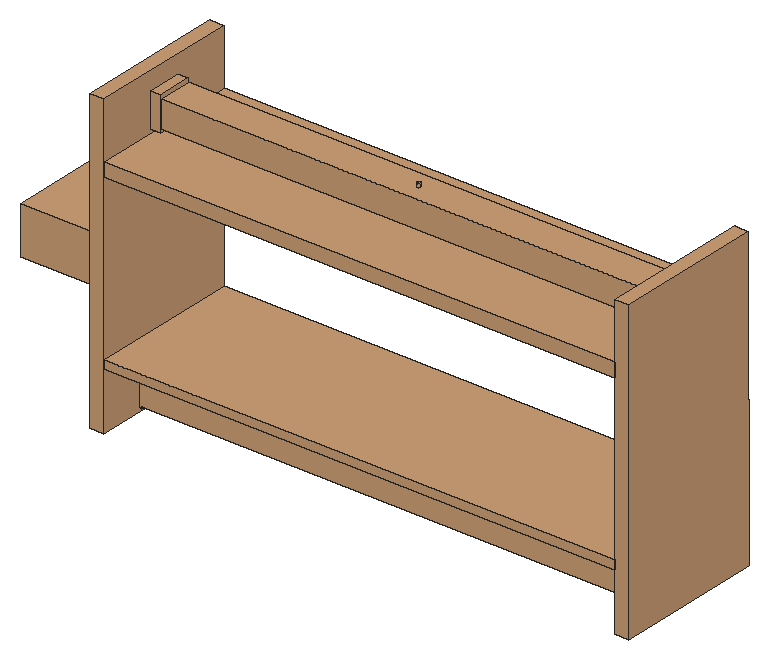
Revit family
Parameters
  Center of Unit = 0' - 0"  # constant formula
  Total Heating Capacity [instance] = 0.0 Btu/h
  Series = "VIFB"
  Outlet Area = 12.50 SF
  Lower Frame Thickness = if(Headers Height = 0' 3", 0' 1 1/4", if(Headers Height = 0' 3 1/4", 0' 1 1/4", 0' 0"))  # 0' - 1 1/4"
  Water Pressure Drop [instance] = 0.00 psi
  Water Flow [instance] = 0 GPM
  Unit Weight (lbs) = 713
  URL = "http://www.ljwing.com/"
  Water Outlet Radius = 0' - 1 1/2"
  Headers Height = if(M = 0' 1", 0' 3", if(M = 0' 1 1/2", 0' 3 1/4", 0' 0"))  # 0' - 3"
  Number of Rows = 2  # constant formula
  Number of Coils [instance] = 0
  Nominal Length = 6' - 7 1/16"
  N = 1' - 0 3/4"
  Model = "VA-7W"
  Manufacturer = "LJ Wing"
  M = 0' - 1"
  Leaving Water Temperature [instance] = 0 °F
  Leaving Air Temperature [instance] = 0 °F
  Entering Water Temperature [instance] = 0 °F
  Entering Air Temperature [instance] = 0 °F
  Description = "Vertical Integral Face & Bypass Water Heating Coils"
  Hot Water Inlet  Radius = 0' - 1 1/2"
  Coil Face Area = Outlet Area * 0.56  # 7.00 SF
  Casing Material = ""
  Assembly Code = "D3020300"
  Air Vent Radius = 0' - 0 1/4"
  Air Pressure Drop [instance] = 0.00 in-wg
  Air Inlet Width = Nominal Length - 0' 4"  # 6' - 3 1/16"
  Air Inlet Height = Y  # 2' - 0"
  Air Flow [instance] = 0 CFM
  Y = 2' - 0"
  S = 0' - 9 3/4"  # constant formula
  Product URL = "http://www.ljwing.com/html/vifb.asp"
  OmniClass = "23-75 70 21 14 "
  Nominal Height = 3' - 8"
  Nominal Depth = 1' - 10"
  R = 0' - 10 1/4"  # constant formula
  Q = 0' - 3 17/32"
Reference planes (in)
  plane 1 "Center (Front/Back)": y = 0
  plane 2: z = -12
  plane 3 "Center (Left/Right)": x = 0
  plane 4: z = 22.25
  plane 5: x = -39.53125
  plane 6: x = 39.53125
  plane 7: z = -21.75
  plane 8: z = 0
  plane 9: y = -11
  plane 10: y = 11
  plane 11: z = 12
  plane 12: z = 14
  plane 13: z = -13.25
  plane 14: x = 37.53125
  plane 15: x = -37.53125
  plane 16: x = -36
  plane 17: x = 36
  plane 18: y = 14.0625
  plane 19: x = -50.53125
  plane 20: z = 19.125
  plane 21: z = 15.125
  plane 22: y = -2.5
  plane 23: y = 2.5
  plane 24: y = -4.5
  plane 25: z = -19.375
  plane 26: x = -26.78125
  plane 27: x = 26.78125
  plane 28: z = -15.375
Forms (in)
  Extrusion 1, solid, material "Painted Finish"
    sketch origin (0, 6, -9.75) x (1, 0, 0) y (0, 0, 1)
      loop
        line (-39.53125, -12) -> (-37.53125, -12) -> (-37.53125, 32) -> (-39.53125, 32) -> (-39.53125, -12)
      loop
        line (39.53125, -12) -> (39.53125, 32) -> (37.53125, 32) -> (37.53125, -12) -> (39.53125, -12)
    from -5 to 17
  Extrusion 2, solid, material "Painted Finish"
    sketch origin (0, 6, 0) x (1, 0, 0) y (0, 0, 1)
      loop
        line (37.53125, -12) -> (-37.53125, -12) -> (-37.53125, -13.25) -> (37.53125, -13.25) -> (37.53125, -12)
      loop
        line (37.53125, 12) -> (37.53125, 14) -> (-37.53125, 14) -> (-37.53125, 12) -> (37.53125, 12)
    from -5 to 17
  Extrusion 3, solid, material "Painted Finish"
    sketch origin (0, 10, -0.5) x (1, 0, 0) y (0, 0, 1)
      loop
        line (-39.53125, 4) -> (-50.53125, 4) -> (-50.53125, -3) -> (-39.53125, -3) -> (-39.53125, 4)
    from 0 to 20
  Extrusion 4, solid, material "Painted Finish"
    sketch origin (0, 6, 0) x (1, 0, 0) y (0, 0, 1)
      loop
        line (-35.90625, 19.125) -> (-35.90625, 15.125) -> (35.90625, 15.125) -> (35.90625, 19.125) -> (-35.90625, 19.125)
    from 3.5 to 8.5
  Extrusion 5, solid, material "Painted Finish"
    sketch origin (0, 0, 0) x (1, 0, 0) y (0, 0, 1)
      loop
        line (-35.90625, 14.625) -> (-35.90625, 19.625) -> (-37.53125, 19.625) -> (-37.53125, 14.625) -> (-35.90625, 14.625)
      loop
        line (37.53125, 14.625) -> (37.53125, 19.625) -> (35.90625, 19.625) -> (35.90625, 14.625) -> (37.53125, 14.625)
    from -2.5 to 2.5
  Extrusion 6, solid, material "Painted Finish"
    sketch origin (0, 6, 0) x (1, 0, 0) y (0, 0, 1)
      loop
        line (-37.03125, -13.875) -> (-37.03125, -13.625) -> (-37.53125, -13.625) -> (-37.53125, -17.125) -> (-37.03125, -17.125) -> (-37.03125, -16.875) -> (37.03125, -16.875) -> (37.03125, -17.125) -> (37.53125, -17.125) -> (37.53125, -13.625) -> (37.03125, -13.625) -> (37.03125, -13.875) -> (-37.03125, -13.875)
      loop
        line (37.03125, -20.875) -> (37.03125, -21.125) -> (37.53125, -21.125) -> (37.53125, -17.625) -> (37.03125, -17.625) -> (37.03125, -17.875) -> (-37.03125, -17.875) -> (-37.03125, -17.625) -> (-37.53125, -17.625) -> (-37.53125, -21.125) -> (-37.03125, -21.125) -> (-37.03125, -20.875) -> (37.03125, -20.875)
    from -5 to 10.5
  Extrusion 7, void
    sketch origin (0, 0, 0) x (1, 0, 0) y (0, 0, 1)
      loop
        line (-37.53125, 12) -> (-37.53125, -12) -> (37.53125, -12) -> (37.53125, 12) -> (-37.53125, 12)
    from -11 to 11
  Extrusion 8, solid, material "Painted Finish"
    sketch origin (0, 0, 0) x (1, 0, 0) y (0, 0, 1)
      loop
        circle (26.78125, -19.375) r 1
      loop
        circle (-26.78125, -15.375) r 1
    from -14.0625 to -11
  Extrusion 9, solid, material "Painted Finish"
    sketch origin (0, 0, 0) x (1, 0, 0) y (0, 1, 0)
      loop
        circle (0, 0) r 0.25
    from 19.125 to 19.625
Cuts and joins
  Extrusion 7 cuts Extrusion 1
  Extrusion 7 cuts Extrusion 2
Dimensions and locks (in)
  "Nominal Length": plane 6 to plane 5
  equal spacing: plane 6, plane 3 "Center (Left/Right)", plane 5
  "S": plane 2 to plane 7
  "Nominal Depth": plane 10 to plane 9
  equal spacing: plane 10, plane 1 "Center (Front/Back)", plane 9
  "Y": plane 11 to plane 2
  "R": plane 4 to plane 11
  locked: plane 12 to plane 11 at 2
  "Lower Frame Thickness": plane 2 to plane 13
  "Q": plane 16 to plane 5
  "Q": plane 6 to plane 17
  locked: plane 18 to plane 10 at 3.0625
  locked: plane 5 to plane 19 at 11
  locked: Extrusion 3 sketch curve to Extrusion 3 sketch curve at 7
  locked: Extrusion 3 to Extrusion 3 at 20
  locked: plane 6 to plane 14 at 2
  locked: plane 15 to plane 5 at 2
  locked: Extrusion 5 sketch curve to plane 20 at 0.5
  locked: plane 21 to Extrusion 5 sketch curve at 0.5
  locked: plane 20 to plane 21 at 4
  locked: plane 23 to plane 22 at 5
  equal spacing: plane 23, plane 1 "Center (Front/Back)", plane 22
  locked: plane 22 to plane 24 at 2
  plane 4 to plane 7 = 3' - 8"
  locked: Extrusion 5 sketch curve to Extrusion 1 at 1.625
  locked: Extrusion 5 sketch curve to Extrusion 5 sketch curve at 1.625
  locked: Extrusion 7 sketch curve to plane 11 at 0
  locked: Extrusion 7 sketch curve to plane 15 at 0
  locked: Extrusion 7 sketch curve to plane 14 at 0
  locked: plane 15 to Extrusion 6 sketch curve at 0.5
  locked: Extrusion 6 sketch curve to Extrusion 6 sketch curve at 0.25  (x2)
  locked: plane 25 to plane 7 at 2.375
  "N": plane 26 to plane 5
  "N": plane 6 to plane 27
  locked: plane 28 to plane 7 at 6.375
  "Headers Height": Extrusion 6 sketch curve to Extrusion 6 sketch curve  (x2)
  locked: Extrusion 8 sketch curve to plane 25 at 0
  locked: Extrusion 8 sketch curve to plane 28 at 0
  locked: Extrusion 9 sketch curve to plane 1 "Center (Front/Back)" at 0
  locked: Extrusion 9 sketch curve to plane 3 "Center (Left/Right)" at 0
  equal spacing: Extrusion 6 sketch curve, plane 28, Extrusion 6 sketch curve
  equal spacing: Extrusion 6 sketch curve, plane 25, Extrusion 6 sketch curve
  locked: plane 4 to plane 20 at 3.125
  locked: Extrusion 7 sketch curve to plane 2 at 0
  equal spacing: plane 11, plane 8, plane 2
  locked: Extrusion 8 sketch curve to plane 27 at 0
  locked: Extrusion 8 sketch curve to plane 26 at 0
  "M": radius of Extrusion 8 sketch curve  (x2)
  "Air Vent Radius": radius of Extrusion 9 sketch curve
  aligned and locked: plane 9 to Extrusion 1
  aligned and locked: Extrusion 1 to plane 10
  aligned and locked: plane 15 to Extrusion 1
  aligned and locked: Extrusion 1 to plane 14
  aligned and locked: plane 9 to Extrusion 2
  aligned and locked: Extrusion 1 to plane 9
  aligned and locked: plane 10 to Extrusion 1  (x2)
  aligned and locked: Extrusion 2 to plane 10
  aligned and locked: plane 10 to Extrusion 2  (x2)
  aligned and locked: Extrusion 2 to plane 9  (x2)
  aligned and locked: plane 5 to Extrusion 3
  aligned and locked: Extrusion 5 sketch curve to plane 15
  aligned and locked: Extrusion 5 sketch curve to Extrusion 4
  aligned and locked: Extrusion 1 to Extrusion 6
  aligned and locked: plane 22 to Extrusion 5
  aligned and locked: Extrusion 5 to Extrusion 4  (x2)
  aligned and locked: Extrusion 5 to plane 23
  aligned and locked: plane 24 to Extrusion 6
  aligned and locked: Extrusion 4 to Extrusion 5  (x2)
  aligned and locked: Extrusion 5 to Extrusion 1  (x2)
  aligned and locked: Extrusion 1 to Extrusion 7  (x2)
  aligned and locked: Extrusion 8 to plane 18
  aligned and locked: plane 10 to Extrusion 8
  aligned and locked: plane 20 to Extrusion 9
  aligned and locked: Extrusion 9 to Extrusion 5
  aligned and locked: plane 2 to cut or joined group of Extrusion 2, Extrusion 7
  aligned and locked: plane 6 to Extrusion 1 sketch curve
  aligned and locked: plane 14 to Extrusion 1 sketch curve
  aligned and locked: Extrusion 1 sketch curve to plane 15
  aligned and locked: Extrusion 1 sketch curve to plane 5
  aligned and locked: Extrusion 1 sketch curve to plane 4  (x2)
  aligned and locked: plane 7 to Extrusion 1 sketch curve  (x2)
  aligned and locked: Extrusion 2 sketch curve to plane 11
  aligned and locked: Extrusion 2 sketch curve to plane 12
  aligned and locked: plane 2 to Extrusion 2 sketch curve
  aligned and locked: Extrusion 2 sketch curve to plane 13
  aligned and locked: Extrusion 2 sketch curve to plane 14  (x2)
  aligned and locked: Extrusion 2 sketch curve to plane 15  (x2)
  aligned and locked: plane 20 to Extrusion 4 sketch curve
  aligned and locked: Extrusion 4 sketch curve to plane 21
  aligned and locked: Extrusion 6 sketch curve to plane 14  (x2)
  aligned and locked: plane 15 to Extrusion 6 sketch curve  (x2)
Automatic sketch dimensions
  Extrusion 3 sketch curve to plane 19 = 0' - 0"
  Extrusion 3 sketch curve to plane 5 = 0' - 0"
  plane 8 to Extrusion 3 sketch curve = 0' - 3 1/2"
  plane 16 to Extrusion 4 sketch curve = 0' - 0 3/32"
  Extrusion 4 sketch curve to plane 17 = 0' - 0 3/32"
  plane 21 to Extrusion 5 sketch curve = 0' - 0 1/2"
  Extrusion 5 sketch curve to plane 20 = 0' - 0 1/2"
  plane 15 to Extrusion 6 sketch curve = 0' - 0 1/2"  (x2)
  Extrusion 6 sketch curve to Extrusion 6 sketch curve = 0' - 0 1/4"  (x5)
  Extrusion 6 sketch curve to Extrusion 6 sketch curve = 0' - 0"  (x2)
  Extrusion 6 sketch curve to plane 14 = 0' - 0 1/2"  (x2)
  Extrusion 6 sketch curve to Extrusion 6 sketch curve = 0' - 0 1/2"
  Extrusion 6 sketch curve to plane 7 = 0' - 0 5/8"
Connectors (in)
  hvac at (0, -11, 0), driven by "Air Inlet Height", driven by "Air Inlet Width", driven by "Air Flow", driven by "Air Pressure Drop"
    settings: on Extrusion 7, index 1
  hvac at (0, 11, 0), driven by "Air Pressure Drop", driven by "Air Inlet Height", driven by "Air Inlet Width", driven by "Air Flow"
    settings: on Extrusion 7, index 2
  piping at (-26.78125, 14.0625, -15.375), driven by "M", driven by "Water Flow", driven by "Water Pressure Drop"
    settings: on Extrusion 8, index 4
  piping at (26.78125, 14.0625, -19.375), driven by "Water Pressure Drop", driven by "Water Flow", driven by "M"
    settings: on Extrusion 8, index 5
